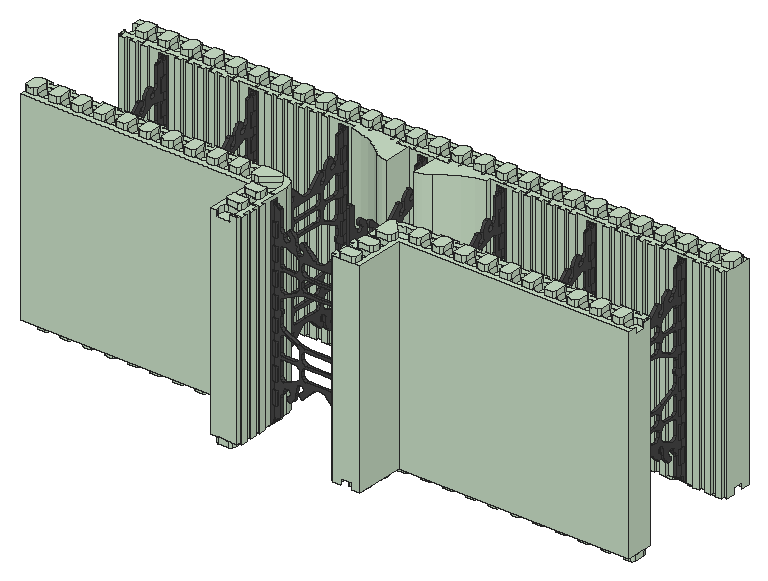
Revit family
Reference planes
  plane 1 "Center (Front/Back)": y = 0
  plane 2: z = 0
  plane 3 "Center (Left/Right)": x = 0
Forms (mm)
  Extrusion 1, solid, material "NUDURA Expanded Polystyrene Foam Insulation"
    sketch origin (0.178, 0.273, 0) x (1, 0, 0) y (0, 1, 0)
      loop
        arc (-82.55, -165.1) -> (-91.849, -142.649) -> (-114.3, -133.35) r 31.75
        line (-114.3, -133.35) -> (-184.942, -133.35) -> (-183.358, -127) -> (-197.642, -127) -> (-196.058, -133.35) -> (-210.342, -133.35) -> (-208.758, -127) -> (-223.042, -127) -> (-221.458, -133.35) -> (-235.742, -133.35) -> (-234.158, -127) -> (-248.442, -127) -> (-246.858, -133.35) -> (-261.142, -133.35) -> (-259.558, -127) -> (-273.842, -127) -> (-272.258, -133.35) -> (-286.558, -133.35) -> (-284.974, -127) -> (-299.258, -127) -> (-297.674, -133.35) -> (-311.958, -133.35) -> (-310.374, -127) -> (-324.658, -127) -> (-323.074, -133.35) -> (-388.141, -133.35) -> (-386.558, -127) -> (-400.841, -127) -> (-399.258, -133.35) -> (-413.541, -133.35) -> (-411.958, -127) -> (-426.241, -127) -> (-424.658, -133.35) -> (-438.941, -133.35) -> (-437.358, -127) -> (-451.641, -127) -> (-450.058, -133.35) -> (-464.358, -133.35) -> (-462.774, -127) -> (-477.058, -127) -> (-475.474, -133.35) -> (-489.758, -133.35) -> (-488.174, -127) -> (-502.458, -127) -> (-500.874, -133.35) -> (-515.158, -133.35) -> (-513.574, -127) -> (-527.858, -127) -> (-526.274, -133.35) -> (-591.341, -133.35) -> (-589.758, -127) -> (-604.041, -127) -> (-602.458, -133.35) -> (-616.741, -133.35) -> (-615.158, -127) -> (-629.441, -127) -> (-627.858, -133.35) -> (-642.141, -133.35) -> (-640.558, -127) -> (-654.841, -127) -> (-653.258, -133.35) -> (-660.4, -133.35) -> (-660.4, -193.61) -> (-142.875, -193.61) -> (-142.875, -304.735) -> (-82.55, -304.735) -> (-82.55, -297.658) -> (-76.2, -299.241) -> (-76.2, -284.958) -> (-82.55, -286.541) -> (-82.55, -272.258) -> (-76.2, -273.841) -> (-76.2, -259.558) -> (-82.55, -261.141) -> (-82.55, -246.858) -> (-76.2, -248.441) -> (-76.2, -234.158) -> (-82.55, -235.741) -> (-82.55, -165.1)
      loop
        line (177.8, 73.025) -> (177.8, 82.55) -> (235.742, 82.55) -> (234.158, 76.2) -> (248.442, 76.2) -> (246.858, 82.55) -> (261.142, 82.55) -> (259.558, 76.2) -> (273.842, 76.2) -> (272.258, 82.55) -> (286.542, 82.55) -> (284.958, 76.2) -> (299.242, 76.2) -> (297.658, 82.55) -> (311.926, 82.55) -> (310.342, 76.2) -> (324.626, 76.2) -> (323.042, 82.55) -> (337.326, 82.55) -> (335.742, 76.2) -> (350.026, 76.2) -> (348.442, 82.55) -> (362.726, 82.55) -> (361.142, 76.2) -> (375.426, 76.2) -> (373.842, 82.55) -> (438.941, 82.55) -> (437.358, 76.2) -> (451.641, 76.2) -> (450.058, 82.55) -> (464.341, 82.55) -> (462.758, 76.2) -> (477.041, 76.2) -> (475.458, 82.55) -> (489.741, 82.55) -> (488.158, 76.2) -> (502.441, 76.2) -> (500.858, 82.55) -> (515.125, 82.55) -> (513.542, 76.2) -> (527.825, 76.2) -> (526.242, 82.55) -> (540.525, 82.55) -> (538.942, 76.2) -> (553.225, 76.2) -> (551.642, 82.55) -> (565.925, 82.55) -> (564.342, 76.2) -> (578.625, 76.2) -> (577.042, 82.55) -> (642.141, 82.55) -> (640.558, 76.2) -> (654.841, 76.2) -> (653.258, 82.55) -> (667.541, 82.55) -> (665.958, 76.2) -> (680.241, 76.2) -> (678.658, 82.55) -> (692.941, 82.55) -> (691.358, 76.2) -> (705.641, 76.2) -> (704.058, 82.55) -> (711.2, 82.55) -> (711.2, 142.939) -> (82.55, 142.939) -> (82.55, 131.479) -> (76.2, 133.18) -> (76.2, 117.763) -> (82.55, 119.346) -> (82.55, 106.079) -> (76.2, 107.78) -> (76.2, 92.363) -> (82.55, 93.946) -> (82.55, 82.55) -> (56.358, 82.55) -> (56.358, 19.091)
        arc (56.358, 19.091) -> (73.989, 23.014) -> (89.133, 32.857) r 50.8
        arc (89.133, 32.857) -> (130.125, 60.317) -> (177.8, 73.025) r 150.316
      loop
        line (-5.558, 19.091) -> (-5.558, 82.55) -> (-31.75, 82.55) -> (-31.75, 93.946) -> (-25.4, 92.363) -> (-25.4, 107.78) -> (-31.75, 106.079) -> (-31.75, 119.346) -> (-25.4, 117.763) -> (-25.4, 133.18) -> (-31.75, 131.479) -> (-31.75, 142.939) -> (-660.4, 142.939) -> (-660.4, 82.55) -> (-653.258, 82.55) -> (-654.841, 76.2) -> (-640.558, 76.2) -> (-642.141, 82.55) -> (-627.858, 82.55) -> (-629.441, 76.2) -> (-615.158, 76.2) -> (-616.741, 82.55) -> (-602.458, 82.55) -> (-604.041, 76.2) -> (-589.758, 76.2) -> (-591.341, 82.55) -> (-526.242, 82.55) -> (-527.825, 76.2) -> (-513.542, 76.2) -> (-515.125, 82.55) -> (-500.842, 82.55) -> (-502.425, 76.2) -> (-488.142, 76.2) -> (-489.725, 82.55) -> (-475.442, 82.55) -> (-477.025, 76.2) -> (-462.742, 76.2) -> (-464.325, 82.55) -> (-450.058, 82.55) -> (-451.641, 76.2) -> (-437.358, 76.2) -> (-438.941, 82.55) -> (-424.658, 82.55) -> (-426.241, 76.2) -> (-411.958, 76.2) -> (-413.541, 82.55) -> (-399.258, 82.55) -> (-400.841, 76.2) -> (-386.558, 76.2) -> (-388.141, 82.55) -> (-323.042, 82.55) -> (-324.626, 76.2) -> (-310.342, 76.2) -> (-311.926, 82.55) -> (-297.642, 82.55) -> (-299.226, 76.2) -> (-284.942, 76.2) -> (-286.526, 82.55) -> (-272.242, 82.55) -> (-273.826, 76.2) -> (-259.542, 76.2) -> (-261.126, 82.55) -> (-246.858, 82.55) -> (-248.442, 76.2) -> (-234.158, 76.2) -> (-235.742, 82.55) -> (-221.458, 82.55) -> (-223.042, 76.2) -> (-208.758, 76.2) -> (-210.342, 82.55) -> (-196.058, 82.55) -> (-197.642, 76.2) -> (-183.358, 76.2) -> (-184.942, 82.55) -> (-127, 82.55) -> (-127, 73.025)
        arc (-127, 73.025) -> (-79.325, 60.317) -> (-38.333, 32.857) r 150.316
        arc (-38.333, 32.857) -> (-23.189, 23.014) -> (-5.558, 19.091) r 50.8
      loop
        line (133.35, -165.1) -> (133.35, -235.741) -> (127, -234.158) -> (127, -248.441) -> (133.35, -246.858) -> (133.35, -261.141) -> (127, -259.558) -> (127, -273.841) -> (133.35, -272.258) -> (133.35, -286.541) -> (127, -284.958) -> (127, -299.241) -> (133.35, -297.658) -> (133.35, -304.8) -> (193.675, -304.8) -> (193.675, -193.61) -> (711.2, -193.61) -> (711.2, -133.35) -> (704.058, -133.35) -> (705.641, -127) -> (691.358, -127) -> (692.941, -133.35) -> (678.658, -133.35) -> (680.241, -127) -> (665.958, -127) -> (667.541, -133.35) -> (653.258, -133.35) -> (654.841, -127) -> (640.558, -127) -> (642.141, -133.35) -> (577.074, -133.35) -> (578.658, -127) -> (564.374, -127) -> (565.958, -133.35) -> (551.674, -133.35) -> (553.258, -127) -> (538.974, -127) -> (540.558, -133.35) -> (526.274, -133.35) -> (527.858, -127) -> (513.574, -127) -> (515.158, -133.35) -> (500.858, -133.35) -> (502.441, -127) -> (488.158, -127) -> (489.741, -133.35) -> (475.458, -133.35) -> (477.041, -127) -> (462.758, -127) -> (464.341, -133.35) -> (450.058, -133.35) -> (451.641, -127) -> (437.358, -127) -> (438.941, -133.35) -> (373.874, -133.35) -> (375.458, -127) -> (361.174, -127) -> (362.758, -133.35) -> (348.474, -133.35) -> (350.058, -127) -> (335.774, -127) -> (337.358, -133.35) -> (323.074, -133.35) -> (324.658, -127) -> (310.374, -127) -> (311.958, -133.35) -> (297.658, -133.35) -> (299.242, -127) -> (284.958, -127) -> (286.542, -133.35) -> (272.258, -133.35) -> (273.842, -127) -> (259.558, -127) -> (261.142, -133.35) -> (246.858, -133.35) -> (248.442, -127) -> (234.158, -127) -> (235.742, -133.35) -> (165.1, -133.35)
        arc (165.1, -133.35) -> (142.649, -142.649) -> (133.35, -165.1) r 31.75
    from 0 to 457.2
  Extrusion 2, void
    sketch origin (0.178, 355.873, 0) x (1, 0, 0) y (0, 1, 0)
      loop
        arc (-130.453, -639.396) -> (-131.763, -647.7) -> (-130.453, -656.003) r 26.987
        arc (-130.453, -656.003) -> (-128.504, -658.905) -> (-125.314, -660.335) r 6.35
        line (-125.314, -660.335) -> (-100.111, -660.335)
        arc (-100.111, -660.335) -> (-98.281, -659.781) -> (-96.698, -658.708) r 6.35
        arc (-96.698, -658.708) -> (-96.199, -658.394) -> (-95.62, -658.285) r 1.588
        line (-95.62, -658.285) -> (-86.829, -658.285) -> (-86.829, -653.946) -> (-92.457, -653.946)
        arc (-92.457, -653.946) -> (-93.668, -653.385) -> (-94.024, -652.1) r 1.588
        arc (-94.024, -652.1) -> (-93.737, -645.691) -> (-94.972, -639.396) r 26.988
        arc (-94.972, -639.396) -> (-97.278, -636.215) -> (-101.014, -635) r 6.35
        line (-101.014, -635) -> (-124.411, -635)
        arc (-124.411, -635) -> (-128.147, -636.215) -> (-130.453, -639.396) r 6.35
    from 457.2 to 444.5
  Extrusion 3, void
    sketch origin (0.178, 406.673, 0) x (1, 0, 0) y (0, 1, 0)
      loop
        arc (-130.453, -639.396) -> (-131.763, -647.7) -> (-130.453, -656.003) r 26.987
        arc (-130.453, -656.003) -> (-128.147, -659.184) -> (-124.411, -660.4) r 6.35
        line (-124.411, -660.4) -> (-101.014, -660.4)
        arc (-101.014, -660.4) -> (-98.696, -659.961) -> (-96.698, -658.708) r 6.35
        arc (-96.698, -658.708) -> (-96.199, -658.394) -> (-95.62, -658.285) r 1.588
        line (-95.62, -658.285) -> (-86.829, -658.285) -> (-86.829, -653.946) -> (-92.457, -653.946)
        arc (-92.457, -653.946) -> (-93.668, -653.385) -> (-94.024, -652.1) r 1.588
        arc (-94.024, -652.1) -> (-93.737, -645.691) -> (-94.972, -639.396) r 26.988
        arc (-94.972, -639.396) -> (-97.278, -636.215) -> (-101.014, -635) r 6.35
        line (-101.014, -635) -> (-124.411, -635)
        arc (-124.411, -635) -> (-128.147, -636.215) -> (-130.453, -639.396) r 6.35
    from 457.2 to 444.5
  Extrusion 4, void
    sketch origin (0.178, -50.527, 0) x (1, 0, 0) y (0, 1, 0)
      loop
        line (-131.763, -131.762) -> (-131.763, -139.7)
        arc (-131.763, -139.7) -> (-131.433, -143.903) -> (-130.453, -148.003) r 26.987
        arc (-130.453, -148.003) -> (-128.147, -151.184) -> (-124.411, -152.4) r 6.35
        line (-124.411, -152.4) -> (-101.014, -152.4)
        arc (-101.014, -152.4) -> (-98.696, -151.961) -> (-96.698, -150.708) r 6.35
        arc (-96.698, -150.708) -> (-96.199, -150.394) -> (-95.62, -150.285) r 1.588
        line (-95.62, -150.285) -> (-86.829, -150.285) -> (-86.829, -145.946) -> (-92.457, -145.946)
        arc (-92.457, -145.946) -> (-93.668, -145.385) -> (-94.024, -144.1) r 1.588
        arc (-94.024, -144.1) -> (-93.753, -141.907) -> (-93.663, -139.7) r 26.987
        line (-93.663, -139.7) -> (-93.663, -119.062)
        arc (-93.663, -119.062) -> (-95.596, -109.342) -> (-101.102, -101.102) r 25.4
        line (-101.102, -101.102) -> (-131.763, -131.762)
    from 457.2 to 444.5
  Extrusion 5, void
    sketch origin (-812.622, -50.527, 0) x (0, 1, 0) y (-1, 0, 0)
      loop
        arc (-130.453, -639.396) -> (-131.763, -647.7) -> (-130.453, -656.003) r 26.987
        arc (-130.453, -656.003) -> (-128.147, -659.184) -> (-124.411, -660.4) r 6.35
        line (-124.411, -660.4) -> (-101.014, -660.4)
        arc (-101.014, -660.4) -> (-98.696, -659.961) -> (-96.698, -658.708) r 6.35
        arc (-96.698, -658.708) -> (-96.199, -658.394) -> (-95.62, -658.285) r 1.588
        line (-95.62, -658.285) -> (-86.829, -658.285) -> (-86.829, -653.946) -> (-92.457, -653.946)
        arc (-92.457, -653.946) -> (-93.668, -653.385) -> (-94.024, -652.1) r 1.588
        arc (-94.024, -652.1) -> (-93.737, -645.691) -> (-94.972, -639.396) r 26.988
        arc (-94.972, -639.396) -> (-97.278, -636.215) -> (-101.014, -635) r 6.35
        line (-101.014, -635) -> (-124.411, -635)
        arc (-124.411, -635) -> (-128.147, -636.215) -> (-130.453, -639.396) r 6.35
    from 457.2 to 444.5
  Extrusion 6, void
    sketch origin (-863.422, -50.527, 0) x (0, 1, 0) y (-1, 0, 0)
      loop
        arc (-130.453, -639.396) -> (-131.763, -647.7) -> (-130.453, -656.003) r 26.987
        arc (-130.453, -656.003) -> (-128.147, -659.184) -> (-124.411, -660.4) r 6.35
        line (-124.411, -660.4) -> (-101.014, -660.4)
        arc (-101.014, -660.4) -> (-98.696, -659.961) -> (-96.698, -658.708) r 6.35
        arc (-96.698, -658.708) -> (-96.199, -658.394) -> (-95.62, -658.285) r 1.588
        line (-95.62, -658.285) -> (-86.829, -658.285) -> (-86.829, -653.946) -> (-92.457, -653.946)
        arc (-92.457, -653.946) -> (-93.668, -653.385) -> (-94.024, -652.1) r 1.588
        arc (-94.024, -652.1) -> (-93.737, -645.691) -> (-94.972, -639.396) r 26.988
        arc (-94.972, -639.396) -> (-97.278, -636.215) -> (-101.014, -635) r 6.35
        line (-101.014, -635) -> (-124.411, -635)
        arc (-124.411, -635) -> (-128.147, -636.215) -> (-130.453, -639.396) r 6.35
    from 457.2 to 444.5
  Extrusion 7, void
    sketch origin (0.178, -914.126, 0) x (1, 0, 0) y (0, 1, 0)
      loop
        arc (-130.453, 639.396) -> (-128.147, 636.215) -> (-124.411, 635) r 6.35
        line (-124.411, 635) -> (-101.014, 635)
        arc (-101.014, 635) -> (-97.278, 636.215) -> (-94.972, 639.396) r 6.35
        arc (-94.972, 639.396) -> (-93.737, 645.691) -> (-94.024, 652.1) r 26.988
        arc (-94.024, 652.1) -> (-93.668, 653.385) -> (-92.457, 653.946) r 1.588
        line (-92.457, 653.946) -> (-86.829, 653.946) -> (-86.829, 658.285) -> (-95.62, 658.285)
        arc (-95.62, 658.285) -> (-96.199, 658.394) -> (-96.698, 658.708) r 1.588
        arc (-96.698, 658.708) -> (-98.696, 659.961) -> (-101.014, 660.4) r 6.35
        line (-101.014, 660.4) -> (-124.411, 660.4)
        arc (-124.411, 660.4) -> (-128.147, 659.184) -> (-130.453, 656.003) r 6.35
        arc (-130.453, 656.003) -> (-131.763, 647.7) -> (-130.453, 639.396) r 26.987
    from 0 to 12.7
  Extrusion 8, void
    sketch origin (0.178, -863.326, 0) x (1, 0, 0) y (0, 1, 0)
      loop
        arc (-130.453, 639.396) -> (-128.147, 636.215) -> (-124.411, 635) r 6.35
        line (-124.411, 635) -> (-101.014, 635)
        arc (-101.014, 635) -> (-97.278, 636.215) -> (-94.972, 639.396) r 6.35
        arc (-94.972, 639.396) -> (-93.737, 645.691) -> (-94.024, 652.1) r 26.988
        arc (-94.024, 652.1) -> (-93.668, 653.385) -> (-92.457, 653.946) r 1.588
        line (-92.457, 653.946) -> (-86.829, 653.946) -> (-86.829, 658.285) -> (-95.62, 658.285)
        arc (-95.62, 658.285) -> (-96.199, 658.394) -> (-96.698, 658.708) r 1.588
        arc (-96.698, 658.708) -> (-98.696, 659.961) -> (-101.014, 660.4) r 6.35
        line (-101.014, 660.4) -> (-124.411, 660.4)
        arc (-124.411, 660.4) -> (-128.147, 659.184) -> (-130.453, 656.003) r 6.35
        arc (-130.453, 656.003) -> (-131.763, 647.7) -> (-130.453, 639.396) r 26.987
    from 0 to 12.7
  Extrusion 9, void
    sketch origin (0.177, -50.527, 0) x (0, 1, 0) y (-1, 0, 0)
      loop
        line (-131.763, 131.762) -> (-101.102, 101.102)
        arc (-101.102, 101.102) -> (-95.596, 109.342) -> (-93.663, 119.062) r 25.4
        line (-93.663, 119.062) -> (-93.663, 139.7)
        arc (-93.663, 139.7) -> (-93.753, 141.907) -> (-94.024, 144.1) r 26.987
        arc (-94.024, 144.1) -> (-93.668, 145.385) -> (-92.457, 145.946) r 1.588
        line (-92.457, 145.946) -> (-86.829, 145.946) -> (-86.829, 150.285) -> (-95.62, 150.285)
        arc (-95.62, 150.285) -> (-96.199, 150.394) -> (-96.698, 150.708) r 1.588
        arc (-96.698, 150.708) -> (-98.696, 151.961) -> (-101.014, 152.4) r 6.35
        line (-101.014, 152.4) -> (-124.411, 152.4)
        arc (-124.411, 152.4) -> (-128.147, 151.184) -> (-130.453, 148.003) r 6.35
        arc (-130.453, 148.003) -> (-131.433, 143.903) -> (-131.763, 139.7) r 26.987
        line (-131.763, 139.7) -> (-131.763, 131.762)
    from 0 to 12.7
  Extrusion 10, void
    sketch origin (457.377, -50.527, 0) x (0, 1, 0) y (-1, 0, 0)
      loop
        arc (-130.453, 639.396) -> (-128.147, 636.215) -> (-124.411, 635) r 6.35
        line (-124.411, 635) -> (-101.014, 635)
        arc (-101.014, 635) -> (-97.278, 636.215) -> (-94.972, 639.396) r 6.35
        arc (-94.972, 639.396) -> (-93.737, 645.691) -> (-94.024, 652.1) r 26.988
        arc (-94.024, 652.1) -> (-93.668, 653.385) -> (-92.457, 653.946) r 1.588
        line (-92.457, 653.946) -> (-86.829, 653.946) -> (-86.829, 658.285) -> (-95.62, 658.285)
        arc (-95.62, 658.285) -> (-96.199, 658.394) -> (-96.698, 658.708) r 1.588
        arc (-96.698, 658.708) -> (-98.696, 659.961) -> (-101.014, 660.4) r 6.35
        line (-101.014, 660.4) -> (-124.411, 660.4)
        arc (-124.411, 660.4) -> (-128.147, 659.184) -> (-130.453, 656.003) r 6.35
        arc (-130.453, 656.003) -> (-131.763, 647.7) -> (-130.453, 639.396) r 26.987
    from 0 to 12.7
  Extrusion 11, void
    sketch origin (406.577, -50.527, 0) x (0, 1, 0) y (-1, 0, 0)
      loop
        arc (-130.453, 639.396) -> (-128.147, 636.215) -> (-124.411, 635) r 6.35
        line (-124.411, 635) -> (-101.014, 635)
        arc (-101.014, 635) -> (-97.278, 636.215) -> (-94.972, 639.396) r 6.35
        arc (-94.972, 639.396) -> (-93.737, 645.691) -> (-94.024, 652.1) r 26.988
        arc (-94.024, 652.1) -> (-93.668, 653.385) -> (-92.457, 653.946) r 1.588
        line (-92.457, 653.946) -> (-86.829, 653.946) -> (-86.829, 658.285) -> (-95.62, 658.285)
        arc (-95.62, 658.285) -> (-96.199, 658.394) -> (-96.698, 658.708) r 1.588
        arc (-96.698, 658.708) -> (-98.696, 659.961) -> (-101.014, 660.4) r 6.35
        line (-101.014, 660.4) -> (-124.411, 660.4)
        arc (-124.411, 660.4) -> (-128.147, 659.184) -> (-130.453, 656.003) r 6.35
        arc (-130.453, 656.003) -> (-131.763, 647.7) -> (-130.453, 639.396) r 26.987
    from 0 to 12.7
  Extrusion 12, void
    sketch origin (50.978, -914.126, 0) x (-1, 0, 0) y (0, -1, 0)
      loop
        arc (-130.453, -639.396) -> (-131.763, -647.7) -> (-130.453, -656.003) r 26.987
        arc (-130.453, -656.003) -> (-128.147, -659.184) -> (-124.411, -660.4) r 6.35
        line (-124.411, -660.4) -> (-101.014, -660.4)
        arc (-101.014, -660.4) -> (-98.696, -659.961) -> (-96.698, -658.708) r 6.35
        arc (-96.698, -658.708) -> (-96.199, -658.394) -> (-95.62, -658.285) r 1.588
        line (-95.62, -658.285) -> (-86.829, -658.285) -> (-86.829, -653.946) -> (-92.457, -653.946)
        arc (-92.457, -653.946) -> (-93.668, -653.385) -> (-94.024, -652.1) r 1.588
        arc (-94.024, -652.1) -> (-93.737, -645.691) -> (-94.972, -639.396) r 26.988
        arc (-94.972, -639.396) -> (-97.278, -636.215) -> (-101.014, -635) r 6.35
        line (-101.014, -635) -> (-124.411, -635)
        arc (-124.411, -635) -> (-128.147, -636.215) -> (-130.453, -639.396) r 6.35
    from 457.2 to 444.5
  Extrusion 13, void
    sketch origin (50.978, -863.326, 0) x (-1, 0, 0) y (0, -1, 0)
      loop
        arc (-130.453, -639.396) -> (-131.763, -647.7) -> (-130.453, -656.003) r 26.987
        arc (-130.453, -656.003) -> (-128.147, -659.184) -> (-124.411, -660.4) r 6.35
        line (-124.411, -660.4) -> (-101.014, -660.4)
        arc (-101.014, -660.4) -> (-98.696, -659.961) -> (-96.698, -658.708) r 6.35
        arc (-96.698, -658.708) -> (-96.199, -658.394) -> (-95.62, -658.285) r 1.588
        line (-95.62, -658.285) -> (-86.829, -658.285) -> (-86.829, -653.946) -> (-92.457, -653.946)
        arc (-92.457, -653.946) -> (-93.668, -653.385) -> (-94.024, -652.1) r 1.588
        arc (-94.024, -652.1) -> (-93.737, -645.691) -> (-94.972, -639.396) r 26.988
        arc (-94.972, -639.396) -> (-97.278, -636.215) -> (-101.014, -635) r 6.35
        line (-101.014, -635) -> (-124.411, -635)
        arc (-124.411, -635) -> (-128.147, -636.215) -> (-130.453, -639.396) r 6.35
    from 457.2 to 444.5
  Extrusion 14, void
    sketch origin (-406.222, -50.527, 0) x (0, 1, 0) y (-1, 0, 0)
      loop
        arc (-130.453, -639.396) -> (-131.763, -647.7) -> (-130.453, -656.003) r 26.987
        arc (-130.453, -656.003) -> (-128.147, -659.184) -> (-124.411, -660.4) r 6.35
        line (-124.411, -660.4) -> (-101.014, -660.4)
        arc (-101.014, -660.4) -> (-98.696, -659.961) -> (-96.698, -658.708) r 6.35
        arc (-96.698, -658.708) -> (-96.199, -658.394) -> (-95.62, -658.285) r 1.588
        line (-95.62, -658.285) -> (-86.829, -658.285) -> (-86.829, -653.946) -> (-92.457, -653.946)
        arc (-92.457, -653.946) -> (-93.668, -653.385) -> (-94.024, -652.1) r 1.588
        arc (-94.024, -652.1) -> (-93.737, -645.691) -> (-94.972, -639.396) r 26.988
        arc (-94.972, -639.396) -> (-97.278, -636.215) -> (-101.014, -635) r 6.35
        line (-101.014, -635) -> (-124.411, -635)
        arc (-124.411, -635) -> (-128.147, -636.215) -> (-130.453, -639.396) r 6.35
    from 457.2 to 444.5
  Extrusion 15, void
    sketch origin (-355.422, -50.527, 0) x (0, 1, 0) y (-1, 0, 0)
      loop
        arc (-130.453, -639.396) -> (-131.763, -647.7) -> (-130.453, -656.003) r 26.987
        arc (-130.453, -656.003) -> (-128.147, -659.184) -> (-124.411, -660.4) r 6.35
        line (-124.411, -660.4) -> (-101.014, -660.4)
        arc (-101.014, -660.4) -> (-98.696, -659.961) -> (-96.698, -658.708) r 6.35
        arc (-96.698, -658.708) -> (-96.199, -658.394) -> (-95.62, -658.285) r 1.588
        line (-95.62, -658.285) -> (-86.829, -658.285) -> (-86.829, -653.946) -> (-92.457, -653.946)
        arc (-92.457, -653.946) -> (-93.668, -653.385) -> (-94.024, -652.1) r 1.588
        arc (-94.024, -652.1) -> (-93.737, -645.691) -> (-94.972, -639.396) r 26.988
        arc (-94.972, -639.396) -> (-97.278, -636.215) -> (-101.014, -635) r 6.35
        line (-101.014, -635) -> (-124.411, -635)
        arc (-124.411, -635) -> (-128.147, -636.215) -> (-130.453, -639.396) r 6.35
    from 457.2 to 444.5
  Extrusion 16, void
    sketch origin (50.978, -50.527, 0) x (1, 0, 0) y (0, 1, 0)
      loop
        arc (144.1, -94.023) -> (141.907, -93.752) -> (139.7, -93.662) r 26.987
        line (139.7, -93.662) -> (119.063, -93.662)
        arc (119.063, -93.662) -> (109.342, -95.595) -> (101.102, -101.102) r 25.4
        line (101.102, -101.102) -> (131.763, -131.762) -> (139.7, -131.762)
        arc (139.7, -131.762) -> (143.903, -131.433) -> (148.004, -130.453) r 26.988
        arc (148.004, -130.453) -> (151.185, -128.147) -> (152.4, -124.411) r 6.35
        line (152.4, -124.411) -> (152.4, -101.013)
        arc (152.4, -101.013) -> (151.962, -98.696) -> (150.708, -96.698) r 6.35
        arc (150.708, -96.698) -> (150.395, -96.198) -> (150.285, -95.619) r 1.587
        line (150.285, -95.619) -> (150.285, -86.828) -> (145.946, -86.828) -> (145.946, -92.457)
        arc (145.946, -92.457) -> (145.386, -93.667) -> (144.1, -94.023) r 1.588
    from 457.2 to 444.5
  Extrusion 17, void
    sketch origin (50.978, 355.873, 0) x (-1, 0, 0) y (0, -1, 0)
      loop
        arc (-130.453, 639.396) -> (-128.147, 636.215) -> (-124.411, 635) r 6.35
        line (-124.411, 635) -> (-101.014, 635)
        arc (-101.014, 635) -> (-97.278, 636.215) -> (-94.972, 639.396) r 6.35
        arc (-94.972, 639.396) -> (-93.737, 645.691) -> (-94.024, 652.1) r 26.988
        arc (-94.024, 652.1) -> (-93.668, 653.385) -> (-92.457, 653.946) r 1.588
        line (-92.457, 653.946) -> (-86.829, 653.946) -> (-86.829, 658.285) -> (-95.62, 658.285)
        arc (-95.62, 658.285) -> (-96.199, 658.394) -> (-96.698, 658.708) r 1.588
        arc (-96.698, 658.708) -> (-98.696, 659.961) -> (-101.014, 660.4) r 6.35
        line (-101.014, 660.4) -> (-124.411, 660.4)
        arc (-124.411, 660.4) -> (-128.147, 659.184) -> (-130.453, 656.003) r 6.35
        arc (-130.453, 656.003) -> (-131.763, 647.7) -> (-130.453, 639.396) r 26.987
    from 0 to 12.7
  Extrusion 18, void
    sketch origin (50.978, 406.673, 0) x (-1, 0, 0) y (0, -1, 0)
      loop
        arc (-130.453, 639.396) -> (-128.147, 636.215) -> (-124.411, 635) r 6.35
        line (-124.411, 635) -> (-101.014, 635)
        arc (-101.014, 635) -> (-97.278, 636.215) -> (-94.972, 639.396) r 6.35
        arc (-94.972, 639.396) -> (-93.737, 645.691) -> (-94.024, 652.1) r 26.988
        arc (-94.024, 652.1) -> (-93.668, 653.385) -> (-92.457, 653.946) r 1.588
        line (-92.457, 653.946) -> (-86.829, 653.946) -> (-86.829, 658.285) -> (-95.62, 658.285)
        arc (-95.62, 658.285) -> (-96.199, 658.394) -> (-96.698, 658.708) r 1.588
        arc (-96.698, 658.708) -> (-98.696, 659.961) -> (-101.014, 660.4) r 6.35
        line (-101.014, 660.4) -> (-124.411, 660.4)
        arc (-124.411, 660.4) -> (-128.147, 659.184) -> (-130.453, 656.003) r 6.35
        arc (-130.453, 656.003) -> (-131.763, 647.7) -> (-130.453, 639.396) r 26.987
    from 0 to 12.7
  Extrusion 19, void
    sketch origin (50.978, -50.527, 0) x (0, -1, 0) y (1, 0, 0)
      loop
        arc (144.1, 94.023) -> (145.386, 93.667) -> (145.946, 92.457) r 1.588
        line (145.946, 92.457) -> (145.946, 86.828) -> (150.285, 86.828) -> (150.285, 95.619)
        arc (150.285, 95.619) -> (150.395, 96.198) -> (150.708, 96.698) r 1.587
        arc (150.708, 96.698) -> (151.962, 98.696) -> (152.4, 101.013) r 6.35
        line (152.4, 101.013) -> (152.4, 124.411)
        arc (152.4, 124.411) -> (151.185, 128.147) -> (148.004, 130.453) r 6.35
        arc (148.004, 130.453) -> (143.903, 131.433) -> (139.7, 131.762) r 26.988
        line (139.7, 131.762) -> (131.763, 131.762) -> (101.102, 101.102)
        arc (101.102, 101.102) -> (109.342, 95.595) -> (119.063, 93.662) r 25.4
        line (119.063, 93.662) -> (139.7, 93.662)
        arc (139.7, 93.662) -> (141.907, 93.752) -> (144.1, 94.023) r 26.987
    from 0 to 12.7
  Extrusion 20, void
    sketch origin (863.777, -50.527, 0) x (0, 1, 0) y (-1, 0, 0)
      loop
        arc (-130.453, 639.396) -> (-128.147, 636.215) -> (-124.411, 635) r 6.35
        line (-124.411, 635) -> (-101.014, 635)
        arc (-101.014, 635) -> (-97.278, 636.215) -> (-94.972, 639.396) r 6.35
        arc (-94.972, 639.396) -> (-93.737, 645.691) -> (-94.024, 652.1) r 26.988
        arc (-94.024, 652.1) -> (-93.668, 653.385) -> (-92.457, 653.946) r 1.588
        line (-92.457, 653.946) -> (-86.829, 653.946) -> (-86.829, 658.285) -> (-95.62, 658.285)
        arc (-95.62, 658.285) -> (-96.199, 658.394) -> (-96.698, 658.708) r 1.588
        arc (-96.698, 658.708) -> (-98.696, 659.961) -> (-101.014, 660.4) r 6.35
        line (-101.014, 660.4) -> (-124.411, 660.4)
        arc (-124.411, 660.4) -> (-128.147, 659.184) -> (-130.453, 656.003) r 6.35
        arc (-130.453, 656.003) -> (-131.763, 647.7) -> (-130.453, 639.396) r 26.987
    from 0 to 12.7
  Extrusion 21, void
    sketch origin (914.577, -50.527, 0) x (0, 1, 0) y (-1, 0, 0)
      loop
        arc (-130.453, 639.396) -> (-128.147, 636.215) -> (-124.411, 635) r 6.35
        line (-124.411, 635) -> (-101.014, 635)
        arc (-101.014, 635) -> (-97.278, 636.215) -> (-94.972, 639.396) r 6.35
        arc (-94.972, 639.396) -> (-93.737, 645.691) -> (-94.024, 652.1) r 26.988
        arc (-94.024, 652.1) -> (-93.668, 653.385) -> (-92.457, 653.946) r 1.588
        line (-92.457, 653.946) -> (-86.829, 653.946) -> (-86.829, 658.285) -> (-95.62, 658.285)
        arc (-95.62, 658.285) -> (-96.199, 658.394) -> (-96.698, 658.708) r 1.588
        arc (-96.698, 658.708) -> (-98.696, 659.961) -> (-101.014, 660.4) r 6.35
        line (-101.014, 660.4) -> (-124.411, 660.4)
        arc (-124.411, 660.4) -> (-128.147, 659.184) -> (-130.453, 656.003) r 6.35
        arc (-130.453, 656.003) -> (-131.763, 647.7) -> (-130.453, 639.396) r 26.987
    from 0 to 12.7
  Extrusion 22, void
    sketch origin (406.577, 0.272, 0) x (0, -1, 0) y (1, 0, 0)
      loop
        arc (-130.453, -639.396) -> (-131.763, -647.7) -> (-130.453, -656.003) r 26.987
        arc (-130.453, -656.003) -> (-128.147, -659.184) -> (-124.411, -660.4) r 6.35
        line (-124.411, -660.4) -> (-101.014, -660.4)
        arc (-101.014, -660.4) -> (-98.696, -659.961) -> (-96.698, -658.708) r 6.35
        arc (-96.698, -658.708) -> (-96.199, -658.394) -> (-95.62, -658.285) r 1.588
        line (-95.62, -658.285) -> (-86.829, -658.285) -> (-86.829, -653.946) -> (-92.457, -653.946)
        arc (-92.457, -653.946) -> (-93.668, -653.385) -> (-94.024, -652.1) r 1.588
        arc (-94.024, -652.1) -> (-93.737, -645.691) -> (-94.972, -639.396) r 26.988
        arc (-94.972, -639.396) -> (-97.278, -636.215) -> (-101.014, -635) r 6.35
        line (-101.014, -635) -> (-124.411, -635)
        arc (-124.411, -635) -> (-128.147, -636.215) -> (-130.453, -639.396) r 6.35
    from 457.2 to 444.5
  Extrusion 23, void
    sketch origin (457.377, 0.272, 0) x (0, -1, 0) y (1, 0, 0)
      loop
        arc (-130.453, -639.396) -> (-131.763, -647.7) -> (-130.453, -656.003) r 26.987
        arc (-130.453, -656.003) -> (-128.147, -659.184) -> (-124.411, -660.4) r 6.35
        line (-124.411, -660.4) -> (-101.014, -660.4)
        arc (-101.014, -660.4) -> (-98.696, -659.961) -> (-96.698, -658.708) r 6.35
        arc (-96.698, -658.708) -> (-96.199, -658.394) -> (-95.62, -658.285) r 1.588
        line (-95.62, -658.285) -> (-86.829, -658.285) -> (-86.829, -653.946) -> (-92.457, -653.946)
        arc (-92.457, -653.946) -> (-93.668, -653.385) -> (-94.024, -652.1) r 1.588
        arc (-94.024, -652.1) -> (-93.737, -645.691) -> (-94.972, -639.396) r 26.988
        arc (-94.972, -639.396) -> (-97.278, -636.215) -> (-101.014, -635) r 6.35
        line (-101.014, -635) -> (-124.411, -635)
        arc (-124.411, -635) -> (-128.147, -636.215) -> (-130.453, -639.396) r 6.35
    from 457.2 to 444.5
  Extrusion 24, void
    sketch origin (508.177, 0.272, 0) x (0, -1, 0) y (1, 0, 0)
      loop
        arc (-130.453, -639.396) -> (-131.763, -647.7) -> (-130.453, -656.003) r 26.987
        arc (-130.453, -656.003) -> (-128.147, -659.184) -> (-124.411, -660.4) r 6.35
        line (-124.411, -660.4) -> (-101.014, -660.4)
        arc (-101.014, -660.4) -> (-98.696, -659.961) -> (-96.698, -658.708) r 6.35
        arc (-96.698, -658.708) -> (-96.199, -658.394) -> (-95.62, -658.285) r 1.588
        line (-95.62, -658.285) -> (-86.829, -658.285) -> (-86.829, -653.946) -> (-92.457, -653.946)
        arc (-92.457, -653.946) -> (-93.668, -653.385) -> (-94.024, -652.1) r 1.588
        arc (-94.024, -652.1) -> (-93.737, -645.691) -> (-94.972, -639.396) r 26.988
        arc (-94.972, -639.396) -> (-97.278, -636.215) -> (-101.014, -635) r 6.35
        line (-101.014, -635) -> (-124.411, -635)
        arc (-124.411, -635) -> (-128.147, -636.215) -> (-130.453, -639.396) r 6.35
    from 457.2 to 444.5
  Extrusion 25, void
    sketch origin (558.977, 0.272, 0) x (0, -1, 0) y (1, 0, 0)
      loop
        arc (-130.453, -639.396) -> (-131.763, -647.7) -> (-130.453, -656.003) r 26.987
        arc (-130.453, -656.003) -> (-128.147, -659.184) -> (-124.411, -660.4) r 6.35
        line (-124.411, -660.4) -> (-101.014, -660.4)
        arc (-101.014, -660.4) -> (-98.696, -659.961) -> (-96.698, -658.708) r 6.35
        arc (-96.698, -658.708) -> (-96.199, -658.394) -> (-95.62, -658.285) r 1.588
        line (-95.62, -658.285) -> (-86.829, -658.285) -> (-86.829, -653.946) -> (-92.457, -653.946)
        arc (-92.457, -653.946) -> (-93.668, -653.385) -> (-94.024, -652.1) r 1.588
        arc (-94.024, -652.1) -> (-93.737, -645.691) -> (-94.972, -639.396) r 26.988
        arc (-94.972, -639.396) -> (-97.278, -636.215) -> (-101.014, -635) r 6.35
        line (-101.014, -635) -> (-124.411, -635)
        arc (-124.411, -635) -> (-128.147, -636.215) -> (-130.453, -639.396) r 6.35
    from 457.2 to 444.5
  Extrusion 26, void
    sketch origin (609.777, 0.272, 0) x (0, -1, 0) y (1, 0, 0)
      loop
        arc (-130.453, -639.396) -> (-131.763, -647.7) -> (-130.453, -656.003) r 26.987
        arc (-130.453, -656.003) -> (-128.147, -659.184) -> (-124.411, -660.4) r 6.35
        line (-124.411, -660.4) -> (-101.014, -660.4)
        arc (-101.014, -660.4) -> (-98.696, -659.961) -> (-96.698, -658.708) r 6.35
        arc (-96.698, -658.708) -> (-96.199, -658.394) -> (-95.62, -658.285) r 1.588
        line (-95.62, -658.285) -> (-86.829, -658.285) -> (-86.829, -653.946) -> (-92.457, -653.946)
        arc (-92.457, -653.946) -> (-93.668, -653.385) -> (-94.024, -652.1) r 1.588
        arc (-94.024, -652.1) -> (-93.737, -645.691) -> (-94.972, -639.396) r 26.988
        arc (-94.972, -639.396) -> (-97.278, -636.215) -> (-101.014, -635) r 6.35
        line (-101.014, -635) -> (-124.411, -635)
        arc (-124.411, -635) -> (-128.147, -636.215) -> (-130.453, -639.396) r 6.35
    from 457.2 to 444.5
  Extrusion 27, void
    sketch origin (660.577, 0.272, 0) x (0, -1, 0) y (1, 0, 0)
      loop
        arc (-130.453, -639.396) -> (-131.763, -647.7) -> (-130.453, -656.003) r 26.987
        arc (-130.453, -656.003) -> (-128.147, -659.184) -> (-124.411, -660.4) r 6.35
        line (-124.411, -660.4) -> (-101.014, -660.4)
        arc (-101.014, -660.4) -> (-98.696, -659.961) -> (-96.698, -658.708) r 6.35
        arc (-96.698, -658.708) -> (-96.199, -658.394) -> (-95.62, -658.285) r 1.588
        line (-95.62, -658.285) -> (-86.829, -658.285) -> (-86.829, -653.946) -> (-92.457, -653.946)
        arc (-92.457, -653.946) -> (-93.668, -653.385) -> (-94.024, -652.1) r 1.588
        arc (-94.024, -652.1) -> (-93.737, -645.691) -> (-94.972, -639.396) r 26.988
        arc (-94.972, -639.396) -> (-97.278, -636.215) -> (-101.014, -635) r 6.35
        line (-101.014, -635) -> (-124.411, -635)
        arc (-124.411, -635) -> (-128.147, -636.215) -> (-130.453, -639.396) r 6.35
    from 457.2 to 444.5
  Extrusion 28, void
    sketch origin (711.377, 0.272, 0) x (0, -1, 0) y (1, 0, 0)
      loop
        arc (-130.453, -639.396) -> (-131.763, -647.7) -> (-130.453, -656.003) r 26.987
        arc (-130.453, -656.003) -> (-128.147, -659.184) -> (-124.411, -660.4) r 6.35
        line (-124.411, -660.4) -> (-101.014, -660.4)
        arc (-101.014, -660.4) -> (-98.696, -659.961) -> (-96.698, -658.708) r 6.35
        arc (-96.698, -658.708) -> (-96.199, -658.394) -> (-95.62, -658.285) r 1.588
        line (-95.62, -658.285) -> (-86.829, -658.285) -> (-86.829, -653.946) -> (-92.457, -653.946)
        arc (-92.457, -653.946) -> (-93.668, -653.385) -> (-94.024, -652.1) r 1.588
        arc (-94.024, -652.1) -> (-93.737, -645.691) -> (-94.972, -639.396) r 26.988
        arc (-94.972, -639.396) -> (-97.278, -636.215) -> (-101.014, -635) r 6.35
        line (-101.014, -635) -> (-124.411, -635)
        arc (-124.411, -635) -> (-128.147, -636.215) -> (-130.453, -639.396) r 6.35
    from 457.2 to 444.5
  Extrusion 29, void
    sketch origin (762.177, 0.272, 0) x (0, -1, 0) y (1, 0, 0)
      loop
        arc (-130.453, -639.396) -> (-131.763, -647.7) -> (-130.453, -656.003) r 26.987
        arc (-130.453, -656.003) -> (-128.147, -659.184) -> (-124.411, -660.4) r 6.35
        line (-124.411, -660.4) -> (-101.014, -660.4)
        arc (-101.014, -660.4) -> (-98.696, -659.961) -> (-96.698, -658.708) r 6.35
        arc (-96.698, -658.708) -> (-96.199, -658.394) -> (-95.62, -658.285) r 1.588
        line (-95.62, -658.285) -> (-86.829, -658.285) -> (-86.829, -653.946) -> (-92.457, -653.946)
        arc (-92.457, -653.946) -> (-93.668, -653.385) -> (-94.024, -652.1) r 1.588
        arc (-94.024, -652.1) -> (-93.737, -645.691) -> (-94.972, -639.396) r 26.988
        arc (-94.972, -639.396) -> (-97.278, -636.215) -> (-101.014, -635) r 6.35
        line (-101.014, -635) -> (-124.411, -635)
        arc (-124.411, -635) -> (-128.147, -636.215) -> (-130.453, -639.396) r 6.35
    from 457.2 to 444.5
  Extrusion 30, void
    sketch origin (812.977, 0.272, 0) x (0, -1, 0) y (1, 0, 0)
      loop
        arc (-130.453, -639.396) -> (-131.763, -647.7) -> (-130.453, -656.003) r 26.987
        arc (-130.453, -656.003) -> (-128.147, -659.184) -> (-124.411, -660.4) r 6.35
        line (-124.411, -660.4) -> (-101.014, -660.4)
        arc (-101.014, -660.4) -> (-98.696, -659.961) -> (-96.698, -658.708) r 6.35
        arc (-96.698, -658.708) -> (-96.199, -658.394) -> (-95.62, -658.285) r 1.588
        line (-95.62, -658.285) -> (-86.829, -658.285) -> (-86.829, -653.946) -> (-92.457, -653.946)
        arc (-92.457, -653.946) -> (-93.668, -653.385) -> (-94.024, -652.1) r 1.588
        arc (-94.024, -652.1) -> (-93.737, -645.691) -> (-94.972, -639.396) r 26.988
        arc (-94.972, -639.396) -> (-97.278, -636.215) -> (-101.014, -635) r 6.35
        line (-101.014, -635) -> (-124.411, -635)
        arc (-124.411, -635) -> (-128.147, -636.215) -> (-130.453, -639.396) r 6.35
    from 457.2 to 444.5
  Extrusion 31, void
    sketch origin (863.777, 0.272, 0) x (0, -1, 0) y (1, 0, 0)
      loop
        arc (-130.453, -639.396) -> (-131.763, -647.7) -> (-130.453, -656.003) r 26.987
        arc (-130.453, -656.003) -> (-128.147, -659.184) -> (-124.411, -660.4) r 6.35
        line (-124.411, -660.4) -> (-101.014, -660.4)
        arc (-101.014, -660.4) -> (-98.696, -659.961) -> (-96.698, -658.708) r 6.35
        arc (-96.698, -658.708) -> (-96.199, -658.394) -> (-95.62, -658.285) r 1.588
        line (-95.62, -658.285) -> (-86.829, -658.285) -> (-86.829, -653.946) -> (-92.457, -653.946)
        arc (-92.457, -653.946) -> (-93.668, -653.385) -> (-94.024, -652.1) r 1.588
        arc (-94.024, -652.1) -> (-93.737, -645.691) -> (-94.972, -639.396) r 26.988
        arc (-94.972, -639.396) -> (-97.278, -636.215) -> (-101.014, -635) r 6.35
        line (-101.014, -635) -> (-124.411, -635)
        arc (-124.411, -635) -> (-128.147, -636.215) -> (-130.453, -639.396) r 6.35
    from 457.2 to 444.5
  Extrusion 32, void
    sketch origin (-863.422, 0.272, 0) x (0, -1, 0) y (1, 0, 0)
      loop
        arc (-130.453, 639.396) -> (-128.147, 636.215) -> (-124.411, 635) r 6.35
        line (-124.411, 635) -> (-101.014, 635)
        arc (-101.014, 635) -> (-97.278, 636.215) -> (-94.972, 639.396) r 6.35
        arc (-94.972, 639.396) -> (-93.737, 645.691) -> (-94.024, 652.1) r 26.988
        arc (-94.024, 652.1) -> (-93.668, 653.385) -> (-92.457, 653.946) r 1.588
        line (-92.457, 653.946) -> (-86.829, 653.946) -> (-86.829, 658.285) -> (-95.62, 658.285)
        arc (-95.62, 658.285) -> (-96.199, 658.394) -> (-96.698, 658.708) r 1.588
        arc (-96.698, 658.708) -> (-98.696, 659.961) -> (-101.014, 660.4) r 6.35
        line (-101.014, 660.4) -> (-124.411, 660.4)
        arc (-124.411, 660.4) -> (-128.147, 659.184) -> (-130.453, 656.003) r 6.35
        arc (-130.453, 656.003) -> (-131.763, 647.7) -> (-130.453, 639.396) r 26.987
    from 0 to 12.7
  Extrusion 33, void
    sketch origin (-812.622, 0.272, 0) x (0, -1, 0) y (1, 0, 0)
      loop
        arc (-130.453, 639.396) -> (-128.147, 636.215) -> (-124.411, 635) r 6.35
        line (-124.411, 635) -> (-101.014, 635)
        arc (-101.014, 635) -> (-97.278, 636.215) -> (-94.972, 639.396) r 6.35
        arc (-94.972, 639.396) -> (-93.737, 645.691) -> (-94.024, 652.1) r 26.988
        arc (-94.024, 652.1) -> (-93.668, 653.385) -> (-92.457, 653.946) r 1.588
        line (-92.457, 653.946) -> (-86.829, 653.946) -> (-86.829, 658.285) -> (-95.62, 658.285)
        arc (-95.62, 658.285) -> (-96.199, 658.394) -> (-96.698, 658.708) r 1.588
        arc (-96.698, 658.708) -> (-98.696, 659.961) -> (-101.014, 660.4) r 6.35
        line (-101.014, 660.4) -> (-124.411, 660.4)
        arc (-124.411, 660.4) -> (-128.147, 659.184) -> (-130.453, 656.003) r 6.35
        arc (-130.453, 656.003) -> (-131.763, 647.7) -> (-130.453, 639.396) r 26.987
    from 0 to 12.7
  Extrusion 34, void
    sketch origin (-761.822, 0.272, 0) x (0, -1, 0) y (1, 0, 0)
      loop
        arc (-130.453, 639.396) -> (-128.147, 636.215) -> (-124.411, 635) r 6.35
        line (-124.411, 635) -> (-101.014, 635)
        arc (-101.014, 635) -> (-97.278, 636.215) -> (-94.972, 639.396) r 6.35
        arc (-94.972, 639.396) -> (-93.737, 645.691) -> (-94.024, 652.1) r 26.988
        arc (-94.024, 652.1) -> (-93.668, 653.385) -> (-92.457, 653.946) r 1.588
        line (-92.457, 653.946) -> (-86.829, 653.946) -> (-86.829, 658.285) -> (-95.62, 658.285)
        arc (-95.62, 658.285) -> (-96.199, 658.394) -> (-96.698, 658.708) r 1.588
        arc (-96.698, 658.708) -> (-98.696, 659.961) -> (-101.014, 660.4) r 6.35
        line (-101.014, 660.4) -> (-124.411, 660.4)
        arc (-124.411, 660.4) -> (-128.147, 659.184) -> (-130.453, 656.003) r 6.35
        arc (-130.453, 656.003) -> (-131.763, 647.7) -> (-130.453, 639.396) r 26.987
    from 0 to 12.7
  Extrusion 35, void
    sketch origin (-711.022, 0.272, 0) x (0, -1, 0) y (1, 0, 0)
      loop
        arc (-130.453, 639.396) -> (-128.147, 636.215) -> (-124.411, 635) r 6.35
        line (-124.411, 635) -> (-101.014, 635)
        arc (-101.014, 635) -> (-97.278, 636.215) -> (-94.972, 639.396) r 6.35
        arc (-94.972, 639.396) -> (-93.737, 645.691) -> (-94.024, 652.1) r 26.988
        arc (-94.024, 652.1) -> (-93.668, 653.385) -> (-92.457, 653.946) r 1.588
        line (-92.457, 653.946) -> (-86.829, 653.946) -> (-86.829, 658.285) -> (-95.62, 658.285)
        arc (-95.62, 658.285) -> (-96.199, 658.394) -> (-96.698, 658.708) r 1.588
        arc (-96.698, 658.708) -> (-98.696, 659.961) -> (-101.014, 660.4) r 6.35
        line (-101.014, 660.4) -> (-124.411, 660.4)
        arc (-124.411, 660.4) -> (-128.147, 659.184) -> (-130.453, 656.003) r 6.35
        arc (-130.453, 656.003) -> (-131.763, 647.7) -> (-130.453, 639.396) r 26.987
    from 0 to 12.7
  Extrusion 36, void
    sketch origin (-660.222, 0.272, 0) x (0, -1, 0) y (1, 0, 0)
      loop
        arc (-130.453, 639.396) -> (-128.147, 636.215) -> (-124.411, 635) r 6.35
        line (-124.411, 635) -> (-101.014, 635)
        arc (-101.014, 635) -> (-97.278, 636.215) -> (-94.972, 639.396) r 6.35
        arc (-94.972, 639.396) -> (-93.737, 645.691) -> (-94.024, 652.1) r 26.988
        arc (-94.024, 652.1) -> (-93.668, 653.385) -> (-92.457, 653.946) r 1.588
        line (-92.457, 653.946) -> (-86.829, 653.946) -> (-86.829, 658.285) -> (-95.62, 658.285)
        arc (-95.62, 658.285) -> (-96.199, 658.394) -> (-96.698, 658.708) r 1.588
        arc (-96.698, 658.708) -> (-98.696, 659.961) -> (-101.014, 660.4) r 6.35
        line (-101.014, 660.4) -> (-124.411, 660.4)
        arc (-124.411, 660.4) -> (-128.147, 659.184) -> (-130.453, 656.003) r 6.35
        arc (-130.453, 656.003) -> (-131.763, 647.7) -> (-130.453, 639.396) r 26.987
    from 0 to 12.7
  Extrusion 37, void
    sketch origin (-609.422, 0.272, 0) x (0, -1, 0) y (1, 0, 0)
      loop
        arc (-130.453, 639.396) -> (-128.147, 636.215) -> (-124.411, 635) r 6.35
        line (-124.411, 635) -> (-101.014, 635)
        arc (-101.014, 635) -> (-97.278, 636.215) -> (-94.972, 639.396) r 6.35
        arc (-94.972, 639.396) -> (-93.737, 645.691) -> (-94.024, 652.1) r 26.988
        arc (-94.024, 652.1) -> (-93.668, 653.385) -> (-92.457, 653.946) r 1.588
        line (-92.457, 653.946) -> (-86.829, 653.946) -> (-86.829, 658.285) -> (-95.62, 658.285)
        arc (-95.62, 658.285) -> (-96.199, 658.394) -> (-96.698, 658.708) r 1.588
        arc (-96.698, 658.708) -> (-98.696, 659.961) -> (-101.014, 660.4) r 6.35
        line (-101.014, 660.4) -> (-124.411, 660.4)
        arc (-124.411, 660.4) -> (-128.147, 659.184) -> (-130.453, 656.003) r 6.35
        arc (-130.453, 656.003) -> (-131.763, 647.7) -> (-130.453, 639.396) r 26.987
    from 0 to 12.7
  Extrusion 38, void
    sketch origin (-558.622, 0.272, 0) x (0, -1, 0) y (1, 0, 0)
      loop
        arc (-130.453, 639.396) -> (-128.147, 636.215) -> (-124.411, 635) r 6.35
        line (-124.411, 635) -> (-101.014, 635)
        arc (-101.014, 635) -> (-97.278, 636.215) -> (-94.972, 639.396) r 6.35
        arc (-94.972, 639.396) -> (-93.737, 645.691) -> (-94.024, 652.1) r 26.988
        arc (-94.024, 652.1) -> (-93.668, 653.385) -> (-92.457, 653.946) r 1.588
        line (-92.457, 653.946) -> (-86.829, 653.946) -> (-86.829, 658.285) -> (-95.62, 658.285)
        arc (-95.62, 658.285) -> (-96.199, 658.394) -> (-96.698, 658.708) r 1.588
        arc (-96.698, 658.708) -> (-98.696, 659.961) -> (-101.014, 660.4) r 6.35
        line (-101.014, 660.4) -> (-124.411, 660.4)
        arc (-124.411, 660.4) -> (-128.147, 659.184) -> (-130.453, 656.003) r 6.35
        arc (-130.453, 656.003) -> (-131.763, 647.7) -> (-130.453, 639.396) r 26.987
    from 0 to 12.7
  Extrusion 39, void
    sketch origin (-507.822, 0.272, 0) x (0, -1, 0) y (1, 0, 0)
      loop
        arc (-130.453, 639.396) -> (-128.147, 636.215) -> (-124.411, 635) r 6.35
        line (-124.411, 635) -> (-101.014, 635)
        arc (-101.014, 635) -> (-97.278, 636.215) -> (-94.972, 639.396) r 6.35
        arc (-94.972, 639.396) -> (-93.737, 645.691) -> (-94.024, 652.1) r 26.988
        arc (-94.024, 652.1) -> (-93.668, 653.385) -> (-92.457, 653.946) r 1.588
        line (-92.457, 653.946) -> (-86.829, 653.946) -> (-86.829, 658.285) -> (-95.62, 658.285)
        arc (-95.62, 658.285) -> (-96.199, 658.394) -> (-96.698, 658.708) r 1.588
        arc (-96.698, 658.708) -> (-98.696, 659.961) -> (-101.014, 660.4) r 6.35
        line (-101.014, 660.4) -> (-124.411, 660.4)
        arc (-124.411, 660.4) -> (-128.147, 659.184) -> (-130.453, 656.003) r 6.35
        arc (-130.453, 656.003) -> (-131.763, 647.7) -> (-130.453, 639.396) r 26.987
    from 0 to 12.7
  Extrusion 40, void
    sketch origin (-457.022, 0.272, 0) x (0, -1, 0) y (1, 0, 0)
      loop
        arc (-130.453, 639.396) -> (-128.147, 636.215) -> (-124.411, 635) r 6.35
        line (-124.411, 635) -> (-101.014, 635)
        arc (-101.014, 635) -> (-97.278, 636.215) -> (-94.972, 639.396) r 6.35
        arc (-94.972, 639.396) -> (-93.737, 645.691) -> (-94.024, 652.1) r 26.988
        arc (-94.024, 652.1) -> (-93.668, 653.385) -> (-92.457, 653.946) r 1.588
        line (-92.457, 653.946) -> (-86.829, 653.946) -> (-86.829, 658.285) -> (-95.62, 658.285)
        arc (-95.62, 658.285) -> (-96.199, 658.394) -> (-96.698, 658.708) r 1.588
        arc (-96.698, 658.708) -> (-98.696, 659.961) -> (-101.014, 660.4) r 6.35
        line (-101.014, 660.4) -> (-124.411, 660.4)
        arc (-124.411, 660.4) -> (-128.147, 659.184) -> (-130.453, 656.003) r 6.35
        arc (-130.453, 656.003) -> (-131.763, 647.7) -> (-130.453, 639.396) r 26.987
    from 0 to 12.7
  Extrusion 41, void
    sketch origin (-406.222, 0.272, 0) x (0, -1, 0) y (1, 0, 0)
      loop
        arc (-130.453, 639.396) -> (-128.147, 636.215) -> (-124.411, 635) r 6.35
        line (-124.411, 635) -> (-101.014, 635)
        arc (-101.014, 635) -> (-97.278, 636.215) -> (-94.972, 639.396) r 6.35
        arc (-94.972, 639.396) -> (-93.737, 645.691) -> (-94.024, 652.1) r 26.988
        arc (-94.024, 652.1) -> (-93.668, 653.385) -> (-92.457, 653.946) r 1.588
        line (-92.457, 653.946) -> (-86.829, 653.946) -> (-86.829, 658.285) -> (-95.62, 658.285)
        arc (-95.62, 658.285) -> (-96.199, 658.394) -> (-96.698, 658.708) r 1.588
        arc (-96.698, 658.708) -> (-98.696, 659.961) -> (-101.014, 660.4) r 6.35
        line (-101.014, 660.4) -> (-124.411, 660.4)
        arc (-124.411, 660.4) -> (-128.147, 659.184) -> (-130.453, 656.003) r 6.35
        arc (-130.453, 656.003) -> (-131.763, 647.7) -> (-130.453, 639.396) r 26.987
    from 0 to 12.7
  Extrusion 42, solid, material "NUDURA Expanded Polystyrene Foam Insulation"
    sketch origin (50.978, -50.527, 0) x (1, 0, 0) y (0, 1, 0)
      loop
        arc (101.102, -101.102) -> (95.596, -109.342) -> (93.663, -119.062) r 25.4
        line (93.663, -119.062) -> (93.663, -139.7)
        arc (93.663, -139.7) -> (93.992, -143.903) -> (94.972, -148.003) r 26.987
        arc (94.972, -148.003) -> (97.278, -151.184) -> (101.014, -152.4) r 6.35
        line (101.014, -152.4) -> (124.411, -152.4)
        arc (124.411, -152.4) -> (128.147, -151.184) -> (130.453, -148.003) r 6.35
        arc (130.453, -148.003) -> (131.433, -143.903) -> (131.763, -139.7) r 26.988
        line (131.763, -139.7) -> (131.763, -131.762) -> (101.102, -101.102)
    from 457.2 to 469.9
  Extrusion 43, solid, material "NUDURA Expanded Polystyrene Foam Insulation"
    sketch origin (0.178, -50.527, 0) x (1, 0, 0) y (0, 1, 0)
      loop
        line (-119.063, -93.662) -> (-139.7, -93.662)
        arc (-139.7, -93.662) -> (-143.903, -93.991) -> (-148.004, -94.971) r 26.987
        arc (-148.004, -94.971) -> (-151.185, -97.277) -> (-152.4, -101.013) r 6.35
        line (-152.4, -101.013) -> (-152.4, -124.411)
        arc (-152.4, -124.411) -> (-151.185, -128.147) -> (-148.004, -130.453) r 6.35
        arc (-148.004, -130.453) -> (-143.903, -131.433) -> (-139.7, -131.762) r 26.987
        line (-139.7, -131.762) -> (-131.763, -131.762) -> (-101.102, -101.102)
        arc (-101.102, -101.102) -> (-109.342, -95.595) -> (-119.063, -93.662) r 25.4
    from 457.2 to 469.9
  Extrusion 44, solid, material "NUDURA Expanded Polystyrene Foam Insulation"
    sketch origin (0.178, -50.527, 0) x (1, 0, 0) y (0, 1, 0)
      loop
        line (-131.763, -131.762) -> (-131.763, -139.7)
        arc (-131.763, -139.7) -> (-131.433, -143.903) -> (-130.453, -148.003) r 26.987
        arc (-130.453, -148.003) -> (-128.147, -151.184) -> (-124.411, -152.4) r 6.35
        line (-124.411, -152.4) -> (-101.014, -152.4)
        arc (-101.014, -152.4) -> (-97.278, -151.184) -> (-94.972, -148.003) r 6.35
        arc (-94.972, -148.003) -> (-93.992, -143.903) -> (-93.663, -139.7) r 26.987
        line (-93.663, -139.7) -> (-93.663, -119.062)
        arc (-93.663, -119.062) -> (-95.596, -109.342) -> (-101.102, -101.102) r 25.4
        line (-101.102, -101.102) -> (-131.763, -131.762)
    from 0 to -12.7
  Extrusion 45, solid, material "NUDURA Expanded Polystyrene Foam Insulation"
    sketch origin (50.978, -50.527, 0) x (1, 0, 0) y (0, 1, 0)
      loop
        arc (152.4, -101.013) -> (151.185, -97.277) -> (148.004, -94.971) r 6.35
        arc (148.004, -94.971) -> (143.903, -93.991) -> (139.7, -93.662) r 26.987
        line (139.7, -93.662) -> (119.063, -93.662)
        arc (119.063, -93.662) -> (109.342, -95.595) -> (101.102, -101.102) r 25.4
        line (101.102, -101.102) -> (131.763, -131.762) -> (139.7, -131.762)
        arc (139.7, -131.762) -> (143.903, -131.433) -> (148.004, -130.453) r 26.988
        arc (148.004, -130.453) -> (151.185, -128.147) -> (152.4, -124.411) r 6.35
        line (152.4, -124.411) -> (152.4, -101.013)
    from 0 to -12.7
  Extrusion 46, void
    sketch origin (203.377, 0.272, 0) x (0, -1, 0) y (1, 0, 0)
      loop
        arc (-130.453, -639.396) -> (-131.763, -647.7) -> (-130.453, -656.003) r 26.987
        arc (-130.453, -656.003) -> (-128.147, -659.184) -> (-124.411, -660.4) r 6.35
        line (-124.411, -660.4) -> (-101.014, -660.4)
        arc (-101.014, -660.4) -> (-98.696, -659.961) -> (-96.698, -658.708) r 6.35
        arc (-96.698, -658.708) -> (-96.199, -658.394) -> (-95.62, -658.285) r 1.588
        line (-95.62, -658.285) -> (-86.829, -658.285) -> (-86.829, -653.946) -> (-92.457, -653.946)
        arc (-92.457, -653.946) -> (-93.668, -653.385) -> (-94.024, -652.1) r 1.588
        arc (-94.024, -652.1) -> (-93.737, -645.691) -> (-94.972, -639.396) r 26.988
        arc (-94.972, -639.396) -> (-97.278, -636.215) -> (-101.014, -635) r 6.35
        line (-101.014, -635) -> (-124.411, -635)
        arc (-124.411, -635) -> (-128.147, -636.215) -> (-130.453, -639.396) r 6.35
    from 457.2 to 444.5
  Extrusion 47, void
    sketch origin (254.177, 0.272, 0) x (0, -1, 0) y (1, 0, 0)
      loop
        arc (-130.453, -639.396) -> (-131.763, -647.7) -> (-130.453, -656.003) r 26.987
        arc (-130.453, -656.003) -> (-128.147, -659.184) -> (-124.411, -660.4) r 6.35
        line (-124.411, -660.4) -> (-101.014, -660.4)
        arc (-101.014, -660.4) -> (-98.696, -659.961) -> (-96.698, -658.708) r 6.35
        arc (-96.698, -658.708) -> (-96.199, -658.394) -> (-95.62, -658.285) r 1.588
        line (-95.62, -658.285) -> (-86.829, -658.285) -> (-86.829, -653.946) -> (-92.457, -653.946)
        arc (-92.457, -653.946) -> (-93.668, -653.385) -> (-94.024, -652.1) r 1.588
        arc (-94.024, -652.1) -> (-93.737, -645.691) -> (-94.972, -639.396) r 26.988
        arc (-94.972, -639.396) -> (-97.278, -636.215) -> (-101.014, -635) r 6.35
        line (-101.014, -635) -> (-124.411, -635)
        arc (-124.411, -635) -> (-128.147, -636.215) -> (-130.453, -639.396) r 6.35
    from 457.2 to 444.5
  Extrusion 48, void
    sketch origin (304.977, 0.272, 0) x (0, -1, 0) y (1, 0, 0)
      loop
        arc (-130.453, -639.396) -> (-131.763, -647.7) -> (-130.453, -656.003) r 26.987
        arc (-130.453, -656.003) -> (-128.147, -659.184) -> (-124.411, -660.4) r 6.35
        line (-124.411, -660.4) -> (-101.014, -660.4)
        arc (-101.014, -660.4) -> (-98.696, -659.961) -> (-96.698, -658.708) r 6.35
        arc (-96.698, -658.708) -> (-96.199, -658.394) -> (-95.62, -658.285) r 1.588
        line (-95.62, -658.285) -> (-86.829, -658.285) -> (-86.829, -653.946) -> (-92.457, -653.946)
        arc (-92.457, -653.946) -> (-93.668, -653.385) -> (-94.024, -652.1) r 1.588
        arc (-94.024, -652.1) -> (-93.737, -645.691) -> (-94.972, -639.396) r 26.988
        arc (-94.972, -639.396) -> (-97.278, -636.215) -> (-101.014, -635) r 6.35
        line (-101.014, -635) -> (-124.411, -635)
        arc (-124.411, -635) -> (-128.147, -636.215) -> (-130.453, -639.396) r 6.35
    from 457.2 to 444.5
  Extrusion 49, void
    sketch origin (355.777, 0.272, 0) x (0, -1, 0) y (1, 0, 0)
      loop
        arc (-130.453, -639.396) -> (-131.763, -647.7) -> (-130.453, -656.003) r 26.987
        arc (-130.453, -656.003) -> (-128.147, -659.184) -> (-124.411, -660.4) r 6.35
        line (-124.411, -660.4) -> (-101.014, -660.4)
        arc (-101.014, -660.4) -> (-98.696, -659.961) -> (-96.698, -658.708) r 6.35
        arc (-96.698, -658.708) -> (-96.199, -658.394) -> (-95.62, -658.285) r 1.588
        line (-95.62, -658.285) -> (-86.829, -658.285) -> (-86.829, -653.946) -> (-92.457, -653.946)
        arc (-92.457, -653.946) -> (-93.668, -653.385) -> (-94.024, -652.1) r 1.588
        arc (-94.024, -652.1) -> (-93.737, -645.691) -> (-94.972, -639.396) r 26.988
        arc (-94.972, -639.396) -> (-97.278, -636.215) -> (-101.014, -635) r 6.35
        line (-101.014, -635) -> (-124.411, -635)
        arc (-124.411, -635) -> (-128.147, -636.215) -> (-130.453, -639.396) r 6.35
    from 457.2 to 444.5
  Extrusion 50, void
    sketch origin (152.577, 0.272, 0) x (0, -1, 0) y (1, 0, 0)
      loop
        arc (-130.453, -639.396) -> (-131.763, -647.7) -> (-130.453, -656.003) r 26.987
        arc (-130.453, -656.003) -> (-128.147, -659.184) -> (-124.411, -660.4) r 6.35
        line (-124.411, -660.4) -> (-101.014, -660.4)
        arc (-101.014, -660.4) -> (-98.696, -659.961) -> (-96.698, -658.708) r 6.35
        arc (-96.698, -658.708) -> (-96.199, -658.394) -> (-95.62, -658.285) r 1.588
        line (-95.62, -658.285) -> (-86.829, -658.285) -> (-86.829, -653.946) -> (-92.457, -653.946)
        arc (-92.457, -653.946) -> (-93.668, -653.385) -> (-94.024, -652.1) r 1.588
        arc (-94.024, -652.1) -> (-93.737, -645.691) -> (-94.972, -639.396) r 26.988
        arc (-94.972, -639.396) -> (-97.278, -636.215) -> (-101.014, -635) r 6.35
        line (-101.014, -635) -> (-124.411, -635)
        arc (-124.411, -635) -> (-128.147, -636.215) -> (-130.453, -639.396) r 6.35
    from 457.2 to 444.5
  Extrusion 51, void
    sketch origin (0.177, 0.272, 0) x (0, -1, 0) y (1, 0, 0)
      loop
        arc (-130.453, -639.396) -> (-131.763, -647.7) -> (-130.453, -656.003) r 26.987
        arc (-130.453, -656.003) -> (-128.147, -659.184) -> (-124.411, -660.4) r 6.35
        line (-124.411, -660.4) -> (-101.014, -660.4)
        arc (-101.014, -660.4) -> (-98.696, -659.961) -> (-96.698, -658.708) r 6.35
        arc (-96.698, -658.708) -> (-96.199, -658.394) -> (-95.62, -658.285) r 1.588
        line (-95.62, -658.285) -> (-86.829, -658.285) -> (-86.829, -653.946) -> (-92.457, -653.946)
        arc (-92.457, -653.946) -> (-93.668, -653.385) -> (-94.024, -652.1) r 1.588
        arc (-94.024, -652.1) -> (-93.737, -645.691) -> (-94.972, -639.396) r 26.988
        arc (-94.972, -639.396) -> (-97.278, -636.215) -> (-101.014, -635) r 6.35
        line (-101.014, -635) -> (-124.411, -635)
        arc (-124.411, -635) -> (-128.147, -636.215) -> (-130.453, -639.396) r 6.35
    from 457.2 to 444.5
  Extrusion 52, void
    sketch origin (50.977, 0.272, 0) x (0, -1, 0) y (1, 0, 0)
      loop
        arc (-130.453, -639.396) -> (-131.763, -647.7) -> (-130.453, -656.003) r 26.987
        arc (-130.453, -656.003) -> (-128.147, -659.184) -> (-124.411, -660.4) r 6.35
        line (-124.411, -660.4) -> (-101.014, -660.4)
        arc (-101.014, -660.4) -> (-98.696, -659.961) -> (-96.698, -658.708) r 6.35
